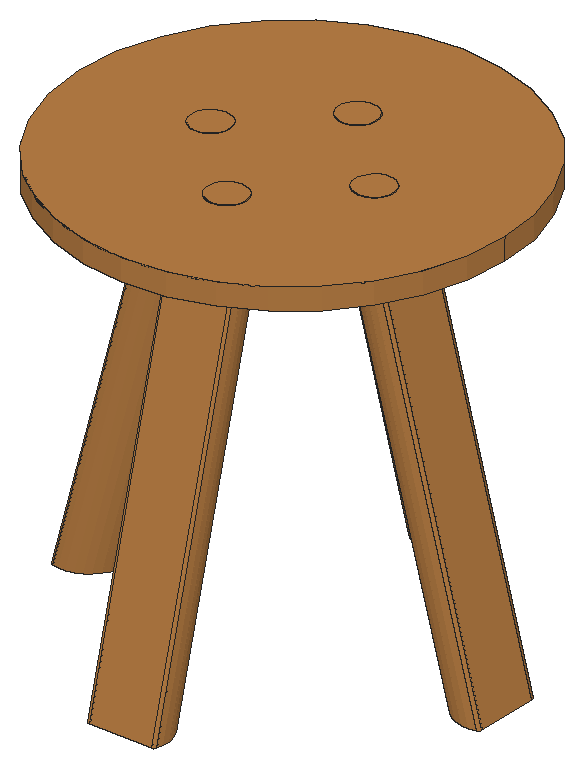
Revit family "Haworth_BuzziMilk_Small Occasional_Table", category Furniture, Revit 2018
Family settings
  OmniClass Number = 23.40.70.14.64.21
  OmniClass Title = Systems Furniture
  Work Plane-Based = No
  Always vertical = Yes
  Cut with Voids When Loaded = No
  Shared = No
  Room Calculation Point = No
Parameters (values of type "HCBZ-MKTO-1")
  Warranty = "http://www.haworth.com/resources/product-info/warranties"
  URL - Product = "https://www.haworth.com/products/tables/side-tables/buzzimilk-table"
  URL = "http://www.haworth.com/our-brands/haworth-collection"
  Table Finish [instance] = Haworth _ Wood _ Collection _ Walnut (BWL-WAL)
  Size = "Verify Final Dim. w/ Haworth"  # constant formula
  Revision Number = "1"  # constant formula
  Radius = 7.67578"  # constant formula
  Model = "HCBZ-MKTO"  # constant formula
  Manufacturer = "Haworth"  # constant formula
  Description = "Haworth BuzziMilk Small Occasional Table"  # constant formula
  Author = "Haworth (Abd Rahman)"  # constant formula
  Assembly Code = "E2020200"
  Actual Width = 15.35156"  # constant formula
  Actual Height = 15.35156"  # constant formula
  Actual Depth = 15.35156"  # constant formula
Reference planes (in)
  plane 1 "Center F/B": y = 1.75
  plane 2: z = 0
  plane 3 "Back": y = 9.42578
  plane 4 "Front": y = -5.92578
  plane 5 "Void Base": z = 15.35156
  plane 6 "Right": x = 30.13616
  plane 7 "Left": x = 14.78459
  plane 8: x = 22.46038
  plane 9: z = 14.62532
  plane 10 "Top": z = 15.41139
Forms (in)
  Extrusion 1, solid, material "Haworth _ Wood _ Collection _ Walnut (BWL-WAL)" <- "Table Finish"
    sketch origin (0, 0, 0) x (1, 0, 0) y (0, 1, 0)
      loop
        circle (22.46038, 1.75) r 7.67578
    from 14.62532 to 15.41139
  Extrusion 2, solid, material "Haworth _ Wood _ Collection _ Walnut (BWL-WAL)" <- "Table Finish"
    sketch origin (5.34105, 16.39445, 0) x (0.707107, -0.707107, 0) y (0.707107, 0.707107, 0)
      loop
        circle (24.54914, 3.83876) r 0.67973
      loop
        circle (20.37161, -0.33876) r 0.67973
      loop
        circle (20.37161, 3.83154) r 0.67973
      loop
        circle (24.54191, -0.33876) r 0.67973
    from 15.41139 to 15.35156
  Blend 3, solid, material "Haworth _ Wood _ Collection _ Walnut (BWL-WAL)" <- "Table Finish"
    base sketch origin (37.10482, -15.36932, 0) x (-0.707107, 0.707107, 0) y (-0.707107, -0.707107, 0)
      loop
        arc (16.21236, 2.92671) -> (16.17827, 2.86348) -> (16.18453, 2.79192) r 0.12522
        arc (16.18453, 2.79192) -> (18.22394, 2.49815) -> (17.9299, 4.53752) r 1.2866
        arc (17.9299, 4.53752) -> (17.85848, 4.54376) -> (17.79538, 4.50973) r 0.125
        line (17.79538, 4.50973) -> (16.21236, 2.92671)
    top sketch origin (37.10482, -15.36932, 0) x (-0.707107, 0.707107, 0) y (-0.707107, -0.707107, 0)
      loop
        arc (18.95937, 0.16784) -> (18.92544, 0.1052) -> (18.93125, 0.03419) r 0.125
        arc (18.93125, 0.03419) -> (20.97474, -0.26484) -> (20.67665, 1.77879) r 1.28773
        arc (20.67665, 1.77879) -> (20.60515, 1.78469) -> (20.54207, 1.75054) r 0.12576
        line (20.54207, 1.75054) -> (18.95937, 0.16784)
    from 0 to 14.62532
  Blend 4, solid, material "Haworth _ Wood _ Collection _ Walnut (BWL-WAL)" <- "Table Finish"
    base sketch origin (5.34105, 16.39445, 0) x (0.707107, -0.707107, 0) y (0.707107, 0.707107, 0)
      loop
        line (16.21236, -2.92671) -> (17.79538, -4.50973)
        arc (17.79538, -4.50973) -> (17.85848, -4.54376) -> (17.9299, -4.53752) r 0.125
        arc (17.9299, -4.53752) -> (18.22394, -2.49815) -> (16.18453, -2.79192) r 1.2866
        arc (16.18453, -2.79192) -> (16.17827, -2.86348) -> (16.21236, -2.92671) r 0.12522
    top sketch origin (5.34105, 16.39445, 0) x (0.707107, -0.707107, 0) y (0.707107, 0.707107, 0)
      loop
        line (18.95937, -0.16784) -> (20.54207, -1.75054)
        arc (20.54207, -1.75054) -> (20.60515, -1.78469) -> (20.67665, -1.77879) r 0.12576
        arc (20.67665, -1.77879) -> (20.97474, 0.26484) -> (18.93125, -0.03419) r 1.28773
        arc (18.93125, -0.03419) -> (18.92544, -0.1052) -> (18.95937, -0.16784) r 0.125
    from 0 to 14.62532
  Blend 5, solid, material "Haworth _ Wood _ Collection _ Walnut (BWL-WAL)" <- "Table Finish"
    base sketch origin (39.5797, -12.89445, 0) x (-0.707107, 0.707107, 0) y (-0.707107, -0.707107, 0)
      loop
        line (16.21236, -2.92671) -> (17.79538, -4.50973)
        arc (17.79538, -4.50973) -> (17.85848, -4.54376) -> (17.9299, -4.53752) r 0.125
        arc (17.9299, -4.53752) -> (18.22394, -2.49815) -> (16.18453, -2.79192) r 1.2866
        arc (16.18453, -2.79192) -> (16.17827, -2.86348) -> (16.21236, -2.92671) r 0.12522
    top sketch origin (39.5797, -12.89445, 0) x (-0.707107, 0.707107, 0) y (-0.707107, -0.707107, 0)
      loop
        line (18.95937, -0.16784) -> (20.54207, -1.75054)
        arc (20.54207, -1.75054) -> (20.60515, -1.78469) -> (20.67665, -1.77879) r 0.12576
        arc (20.67665, -1.77879) -> (20.97474, 0.26484) -> (18.93125, -0.03419) r 1.28773
        arc (18.93125, -0.03419) -> (18.92544, -0.1052) -> (18.95937, -0.16784) r 0.125
    from 0 to 14.62532
  Blend 6, solid, material "Haworth _ Wood _ Collection _ Walnut (BWL-WAL)" <- "Table Finish"
    base sketch origin (7.81593, 18.86932, 0) x (0.707107, -0.707107, 0) y (0.707107, 0.707107, 0)
      loop
        arc (16.21236, 2.92671) -> (16.17827, 2.86348) -> (16.18453, 2.79192) r 0.12522
        arc (16.18453, 2.79192) -> (18.22394, 2.49815) -> (17.9299, 4.53752) r 1.2866
        arc (17.9299, 4.53752) -> (17.85848, 4.54376) -> (17.79538, 4.50973) r 0.125
        line (17.79538, 4.50973) -> (16.21236, 2.92671)
    top sketch origin (7.81593, 18.86932, 0) x (0.707107, -0.707107, 0) y (0.707107, 0.707107, 0)
      loop
        arc (18.95937, 0.16784) -> (18.92544, 0.1052) -> (18.93125, 0.03419) r 0.125
        arc (18.93125, 0.03419) -> (20.97474, -0.26484) -> (20.67665, 1.77879) r 1.28773
        arc (20.67665, 1.77879) -> (20.60515, 1.78469) -> (20.54207, 1.75054) r 0.12576
        line (20.54207, 1.75054) -> (18.95937, 0.16784)
    from 0 to 14.62532
Cuts and joins
  joined: Extrusion 1, Blend 3, Blend 4, Blend 5, Blend 6
Lines and regions (in)
  Masking region 1
    outline origin (0, 0, 0) x (1, 0, 0) y (0, 1, 0)
      loop
        circle (22.46038, 1.75) r 7.67578
Dimensions and locks (in)
  "Actual Width": plane 7 "Left" to plane 6 "Right"
  "Actual Depth": plane 4 "Front" to plane 3 "Back"
  equal spacing: plane 4 "Front", plane 1 "Center F/B", plane 3 "Back"
  "Actual Height": plane 5 "Void Base" to level
  equal spacing: plane 7 "Left", plane 8, plane 6 "Right"
  "Radius": radius of Extrusion 1 sketch curve
  aligned and locked: plane 8 to Extrusion 1 sketch curve
  aligned and locked: plane 1 "Center F/B" to Extrusion 1 sketch curve
  aligned and locked: plane 9 to Extrusion 1
  aligned and locked: Extrusion 2 to plane 10 "Top"
  aligned and locked: plane 5 "Void Base" to Extrusion 2
  aligned and locked: Extrusion 1 to plane 9
  aligned and locked: Blend 4 to plane 9  (x2)
  aligned and locked: Blend 5 to plane 9
  aligned and locked: Blend 3 to plane 9  (x2)
  aligned and locked: Blend 6 to plane 9
  aligned and locked: plane 10 "Top" to Extrusion 1
  aligned and locked: plane 9 to Blend 5
Automatic sketch dimensions
  plane 8 to Blend 3 sketch curve = 1.11108"
  Blend 3 sketch curve to plane 1 "Center F/B" = 7.72495"
  Blend 3 sketch curve to Blend 3 sketch curve = 0.08854"  (x2)
  Blend 3 sketch curve to Blend 3 sketch curve = 1.01322"
  Blend 3 sketch curve to Blend 3 sketch curve = 0.48126"
  Blend 3 sketch curve to Blend 3 sketch curve = 0.08839"  (x4)
  Blend 3 sketch curve to Blend 3 sketch curve = 0.48114"
  Blend 3 sketch curve to Blend 3 sketch curve = 1.01349"
  Blend 3 sketch curve to Blend 3 sketch curve = 0.11637"
  plane 8 to Blend 3 sketch curve = 1.11946"
  Blend 3 sketch curve to plane 1 "Center F/B" = 3.8317"
  Blend 3 sketch curve to Blend 3 sketch curve = 1.01663"
  Blend 3 sketch curve to Blend 3 sketch curve = 0.47768"
  Blend 3 sketch curve to Blend 3 sketch curve = 0.08892"  (x2)
  Blend 3 sketch curve to Blend 3 sketch curve = 0.47808"
  Blend 3 sketch curve to Blend 3 sketch curve = 1.01569"
  Blend 3 sketch curve to Blend 3 sketch curve = 0.11651"
  Blend 4 sketch curve to plane 1 "Center F/B" = 1.11108"
  plane 8 to Blend 4 sketch curve = 7.72495"
  Blend 4 sketch curve to Blend 4 sketch curve = 0.08854"  (x2)
  Blend 4 sketch curve to Blend 4 sketch curve = 1.01322"
  Blend 4 sketch curve to Blend 4 sketch curve = 0.48126"
  Blend 4 sketch curve to Blend 4 sketch curve = 0.08839"  (x4)
  Blend 4 sketch curve to Blend 4 sketch curve = 0.48114"
  Blend 4 sketch curve to Blend 4 sketch curve = 1.01349"
  Blend 4 sketch curve to Blend 4 sketch curve = 0.11637"
  Blend 4 sketch curve to plane 1 "Center F/B" = 1.11946"
  plane 8 to Blend 4 sketch curve = 3.8317"
  Blend 4 sketch curve to Blend 4 sketch curve = 1.01663"
  Blend 4 sketch curve to Blend 4 sketch curve = 0.47768"
  Blend 4 sketch curve to Blend 4 sketch curve = 0.08892"  (x2)
  Blend 4 sketch curve to Blend 4 sketch curve = 0.47808"
  Blend 4 sketch curve to Blend 4 sketch curve = 1.01569"
  Blend 4 sketch curve to Blend 4 sketch curve = 0.11651"
  plane 1 "Center F/B" to Blend 5 sketch curve = 1.11108"
  Blend 5 sketch curve to plane 8 = 7.72495"
  Blend 5 sketch curve to Blend 5 sketch curve = 0.08854"  (x2)
  Blend 5 sketch curve to Blend 5 sketch curve = 1.01322"
  Blend 5 sketch curve to Blend 5 sketch curve = 0.48126"
  Blend 5 sketch curve to Blend 5 sketch curve = 0.08839"  (x4)
  Blend 5 sketch curve to Blend 5 sketch curve = 0.48114"
  Blend 5 sketch curve to Blend 5 sketch curve = 1.01349"
  Blend 5 sketch curve to Blend 5 sketch curve = 0.11637"
  plane 1 "Center F/B" to Blend 5 sketch curve = 1.11946"
  Blend 5 sketch curve to plane 8 = 3.8317"
  Blend 5 sketch curve to Blend 5 sketch curve = 1.01663"
  Blend 5 sketch curve to Blend 5 sketch curve = 0.47768"
  Blend 5 sketch curve to Blend 5 sketch curve = 0.08892"  (x2)
  Blend 5 sketch curve to Blend 5 sketch curve = 0.47808"
  Blend 5 sketch curve to Blend 5 sketch curve = 1.01569"
  Blend 5 sketch curve to Blend 5 sketch curve = 0.11651"
  Blend 6 sketch curve to plane 8 = 1.11108"
  plane 1 "Center F/B" to Blend 6 sketch curve = 7.72495"
  Blend 6 sketch curve to Blend 6 sketch curve = 0.08854"  (x2)
  Blend 6 sketch curve to Blend 6 sketch curve = 1.01322"
  Blend 6 sketch curve to Blend 6 sketch curve = 0.48126"
  Blend 6 sketch curve to Blend 6 sketch curve = 0.08839"  (x4)
  Blend 6 sketch curve to Blend 6 sketch curve = 0.48114"
  Blend 6 sketch curve to Blend 6 sketch curve = 1.01349"
  Blend 6 sketch curve to Blend 6 sketch curve = 0.11637"
  Blend 6 sketch curve to plane 8 = 1.11946"
  plane 1 "Center F/B" to Blend 6 sketch curve = 3.8317"
  Blend 6 sketch curve to Blend 6 sketch curve = 1.01663"
  Blend 6 sketch curve to Blend 6 sketch curve = 0.47768"
  Blend 6 sketch curve to Blend 6 sketch curve = 0.08892"  (x2)
  Blend 6 sketch curve to Blend 6 sketch curve = 0.47808"
  Blend 6 sketch curve to Blend 6 sketch curve = 1.01569"
  Blend 6 sketch curve to Blend 6 sketch curve = 0.11651"
  plane 1 "Center F/B" to Extrusion 2 sketch curve = 0"  (x2)
  plane 8 to Extrusion 2 sketch curve = 2.95396"
  Extrusion 2 sketch curve to Extrusion 2 sketch curve = 0"  (x2)
  Extrusion 2 sketch curve to Extrusion 2 sketch curve = 4.1703"  (x2)
  Extrusion 2 sketch curve to Extrusion 2 sketch curve = 0.00723"
  plane 1 "Center F/B" to Masking region 1 sketch curve = 0"
  Masking region 1 sketch curve to plane 8 = 0"
  radius of Extrusion 2 sketch curve = 0.67973"  (x4)
  radius of Masking region 1 sketch curve = 7.67578"
